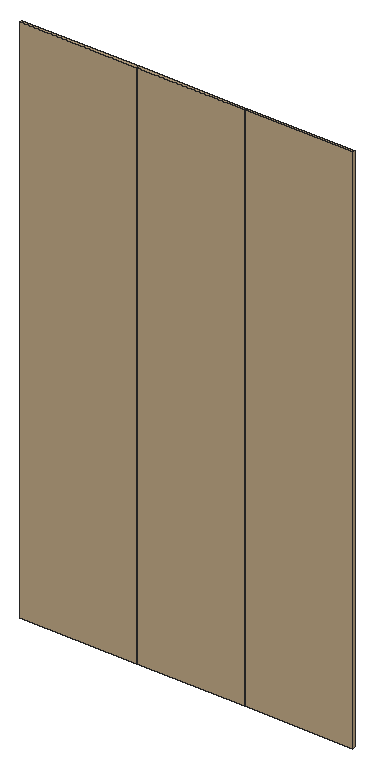
Revit family
Reference planes
  plane 1 "중심(앞/뒤)": y = 0
  plane 2: z = 0
  plane 3 "중심(왼쪽/오른쪽)": x = 0
Forms (mm)
  Extrusion 1, solid, material "지정천연무늬목마감"
    sketch origin (468.667, -417.531, 0) x (1, 0, 0) y (0, 1, 0)
      loop
        line (-1216.753, 277.645) -> (-1216.753, 266.394) -> (-692.21, 266.394) -> (-692.21, 277.645) -> (-1216.753, 277.645)
    from 0 to 2400
  Extrusion 2, solid, material "지정천연무늬목마감"
    sketch origin (953.667, -417.531, 0) x (1, 0, 0) y (0, 1, 0)
      loop
        line (-1177.21, 277.645) -> (-1177.21, 266.394) -> (-692.21, 266.394) -> (-692.21, 277.645) -> (-1177.21, 277.645)
    from 0 to 2400
  Extrusion 3, solid, material "지정천연무늬목마감"
    sketch origin (1438.667, -417.531, 0) x (1, 0, 0) y (0, 1, 0)
      loop
        line (-1177.21, 277.645) -> (-1177.21, 266.394) -> (-692.21, 266.394) -> (-692.21, 277.645) -> (-1177.21, 277.645)
    from 0 to 2400
